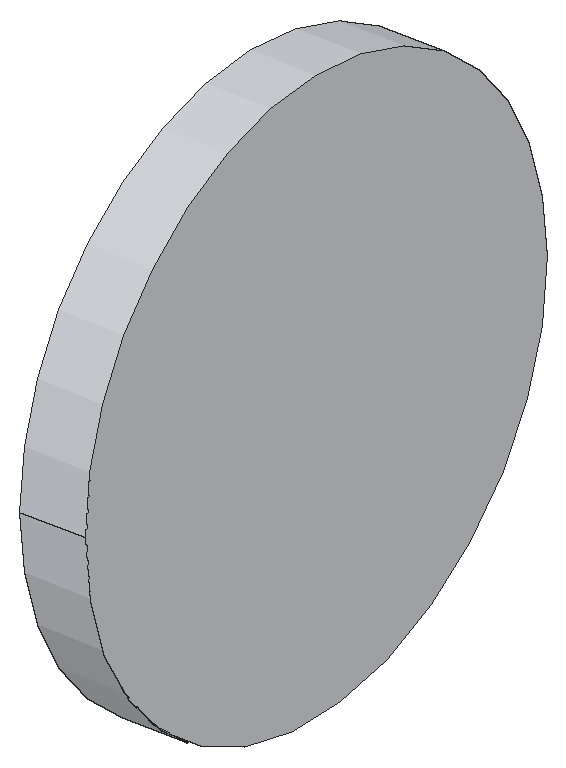
Revit family "fd638e04540e407dbe13f7c1f83effba", category Pipe Fittings, Revit 2021
Family settings
  Round Connector Dimension = Use Radius
  Part Type = Flange
  OmniClass Number = 23.60.30.11.14
  OmniClass Title = Pipework Fittings
  Seek Item ID = Flange - Threaded - GI - Class 250-0000-USA-ENU
  Work Plane-Based = No
  Always vertical = Yes
  Cut with Voids When Loaded = No
  Shared = No
Parameters (values of type "Standard")
  Tick Size [instance] = Flange Diameter * 0.4  # 4.0000"
  Nominal Radius [instance] = 2.0000"
  Nominal Diameter [instance] = Nominal Radius * 2  # 4.0000"
  Loss Method = Not Defined
  Lookup Table Name = "Flange - Ring - Steel - Class 300"
  Flange Thickness [instance] = size_lookup(Lookup Table Name, "FThk", 0.07 * Nominal Diameter + 0.8800", Nominal Diameter)  # 1.1300"
  Flange Radius [instance] = Flange Diameter / 2  # 5.0000"
  Flange Diameter [instance] = size_lookup(Lookup Table Name, "FDia", 1.2 * Nominal Diameter + 5.5200", Nominal Diameter)  # 10.0000"
  Default Elevation = 0.0000"
Reference planes (in)
  plane 1 "Center (Front/Back)": y = 0
  plane 2: z = 0
  plane 3 "Center (Left/Right)": x = 0
  plane 4: y = 4
  plane 5: y = -4
  plane 6: x = 1.13
Forms (in)
  Extrusion 1, solid, detail levels fine
    sketch origin (0, 0, 0) x (0, 1, 0) y (0, 0, 1)
      loop
        circle (0, 0) r 5
    from 0 to 1.13
Lines and regions (in)
  model lines, detail levels coarse+medium
    curve 1: line (0.565, 4, 0) -> (0.565, -4, 0)
  model lines, style "PipeFitting", detail levels coarse+medium
    curve 2: line (1.13, 0, 0) -> (0, 0, 0)
Dimensions and locks (in)
  equal spacing: plane 4, plane 1 "Center (Front/Back)", plane 5
  "Tick Size": plane 4 to plane 1 "Center (Front/Back)"
  "Flange Thickness": plane 3 "Center (Left/Right)" to plane 6
  equal spacing: plane 3 "Center (Left/Right)", curve 1, plane 6
  "Flange Radius": radius of Extrusion 1 sketch curve
  aligned and locked: plane 4 to curve 1
  aligned and locked: plane 5 to curve 1
  aligned and locked: plane 1 "Center (Front/Back)" to curve 2
  aligned and locked: plane 6 to Extrusion 1
  aligned and locked: plane 6 to curve 2
  aligned and locked: Extrusion 1 to plane 3 "Center (Left/Right)"
  aligned and locked: plane 3 "Center (Left/Right)" to curve 2
Automatic sketch dimensions
  Extrusion 1 sketch curve to level = 0.0000"
  Extrusion 1 sketch curve to plane 1 "Center (Front/Back)" = 0.0000"
Connectors (in)
  piping at (0, 0, 0), diameter 4, driven by "Nominal Radius"
    settings: on Extrusion 1, index 1, connector inside diameter 4.0000", connector length 0.0000", flow factor 0, pipe flow 0 GPM, pressure drop 0.00 psi, fitting loss kfactor 0, connector angle 0.00°, fixture units 0, engagement length 0.0000", angle of deflection 0.00°, flow configuration 0, flow direction 0, fitting loss method 0, system type 28, joint type 0, gender type 0, connector reference index 2, connector utility 0, adjustable connector no, is connector primary yes, connector description ""
  piping at (1.13, 0, 0), diameter 4, driven by "Nominal Radius"
    settings: on Extrusion 1, index 2, connector inside diameter 4.0000", connector length 0.0000", flow factor 0, pipe flow 0 GPM, pressure drop 0.00 psi, fitting loss kfactor 0, connector angle 0.00°, fixture units 0, engagement length 0.0000", angle of deflection 0.00°, flow configuration 0, flow direction 0, fitting loss method 0, system type 28, joint type 0, gender type 0, connector reference index 1, connector utility 0, adjustable connector no, is connector primary no, connector description ""
